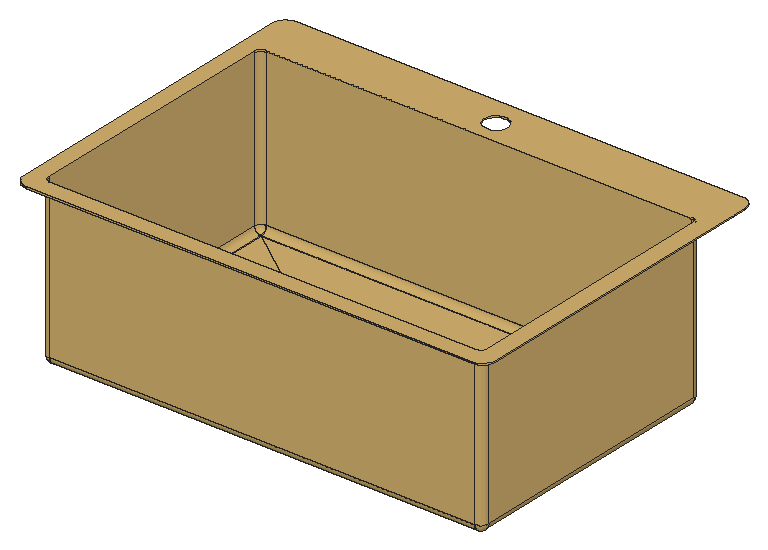
Revit family "BUILDMAT-SNGDTL005-Noah-700-Tap-Landing-Brass-Gold", category Plumbing Fixtures, host Face, Revit 2026
Family settings
  Host = Face
  Round Connector Dimension = Use Diameter
  Part Type = Normal
  Enable Cutting in Views = No
  Cut with Voids When Loaded = No
  Maintain Annotation Orientation = No
  Shared = No
  Room Calculation Point = No
Parameters (values of type "Noah 700x500x250mm Brushed Brass Gold")
  Width = 650.0 mm
  Undermount [instance] = 0.0 mm
  URL = "https://www.buildmat.com.au/products/noah-700-single-bowl-tap-landing-sink"
  Model = "TLAN005"  # constant formula
  Manufacturer URL = "https://www.buildmat.com.au/"
  Manufacturer = "BUILDMAT"  # constant formula
  Length = 400.0 mm
  Description = "BUILDMAT - Noah 700x500 Large Single Bowl with Tap Landing Sink"  # constant formula
  Depth = 250.0 mm
  Default Elevation = 1219.2 mm
  Created By URL = "https://www.buildmat.com.au/"
  Created By = "BUILDMAT"  # constant formula
  Created = "22.06.2022"  # constant formula
  Material = BUILDMAT Brass Gold
Reference planes
  plane 1 "Center (Front/Back)": y = 0
  plane 2: z = 0
  plane 3 "Center (Left/Right)": x = 0
  plane 4 "Top Substrate": z = 0
  plane 5 "Left": x = -325
  plane 6 "Right": x = 325
  plane 7 "Back": y = 200
  plane 8 "Front": y = -200
  plane 9: x = -350
  plane 10: x = 350
  plane 11: y = -225
  plane 12: y = 275
  plane 13 "Bottom Void": z = -250
  plane 14: z = 1.5
  plane 15: x = -326.5
  plane 16: y = -201.5
  plane 17: x = 326.5
  plane 18: y = 201.5
  plane 19: z = -240
  plane 20: z = -230
  plane 21: x = -315
  plane 22: x = 315
  plane 23: y = -190
  plane 24: y = 190
  plane 25: z = -245
  plane 26: z = -241.5
  plane 27: z = -246.5
  plane 28: x = -100
  plane 29: x = 100
  plane 30 "Sound Pad": z = -130
  plane 31 "Front Bracket": y = -100
  plane 32 "Back Bracket": y = 100
  plane 33: x = -225
  plane 34: x = 225
  plane 35: x = -57
  plane 36: x = 57
  plane 37: x = -45
  plane 38: x = 45
  plane 39: y = 232
  plane 40: y = 251.5
  plane 41: x = -338.2
  plane 42: z = -15
  plane 43: x = 338.2
  plane 44: x = -336.7
  plane 45: x = 336.7
Forms (mm)
  Extrusion 1, void
    sketch origin (0, 0, 0) x (1, 0, 0) y (0, 1, 0)
      loop
        arc (-315, 200) -> (-322.071, 197.071) -> (-325, 190) r 10
        line (-325, 190) -> (-325, -190)
        arc (-325, -190) -> (-322.071, -197.071) -> (-315, -200) r 10
        line (-315, -200) -> (315, -200)
        arc (315, -200) -> (322.071, -197.071) -> (325, -190) r 10
        line (325, -190) -> (325, 190)
        arc (325, 190) -> (322.071, 197.071) -> (315, 200) r 10
        line (315, 200) -> (-315, 200)
    from 0 to 1.5
  Extrusion 2, void
    sketch origin (0, 0, 0) x (1, 0, 0) y (0, 1, 0)
      loop
        line (-326.5, 201.5) -> (-326.5, -201.5) -> (326.5, -201.5) -> (326.5, 201.5) -> (-326.5, 201.5)
    from 0 to -250
  Extrusion 3, void
    sketch origin (0, 0, 0) x (1, 0, 0) y (0, 1, 0)
      loop
        arc (-330, 275) -> (-344.142, 269.142) -> (-350, 255) r 20
        line (-350, 255) -> (-350, -205)
        arc (-350, -205) -> (-344.142, -219.142) -> (-330, -225) r 20
        line (-330, -225) -> (330, -225)
        arc (330, -225) -> (344.142, -219.142) -> (350, -205) r 20
        line (350, -205) -> (350, 255)
        arc (350, 255) -> (344.142, 269.142) -> (330, 275) r 20
        line (330, 275) -> (-330, 275)
    from 1.5 to 0
  Extrusion 4, solid, material "BUILDMAT Brass Gold" <- "Material"
    sketch origin (0, 0, 0) x (-1, 0, 0) y (0, -1, 0)
      loop
        arc (330, -275) -> (344.142, -269.142) -> (350, -255) r 20
        line (350, -255) -> (350, 205)
        arc (350, 205) -> (344.142, 219.142) -> (330, 225) r 20
        line (330, 225) -> (-330, 225)
        arc (-330, 225) -> (-344.142, 219.142) -> (-350, 205) r 20
        line (-350, 205) -> (-350, -255)
        arc (-350, -255) -> (-344.142, -269.142) -> (-330, -275) r 20
        line (-330, -275) -> (330, -275)
      loop
        arc (315, -200) -> (322.071, -197.071) -> (325, -190) r 10
        line (325, -190) -> (325, 190)
        arc (325, 190) -> (322.071, 197.071) -> (315, 200) r 10
        line (315, 200) -> (-315, 200)
        arc (-315, 200) -> (-322.071, 197.071) -> (-325, 190) r 10
        line (-325, 190) -> (-325, -190)
        arc (-325, -190) -> (-322.071, -197.071) -> (-315, -200) r 10
        line (-315, -200) -> (315, -200)
    from 0 to 1.5
  Extrusion 5, solid, material "BUILDMAT Brass Gold" <- "Material"
    sketch origin (0, 0, 0) x (-1, 0, 0) y (0, -1, 0)
      loop
        arc (315, -201.5) -> (323.132, -198.132) -> (326.5, -190) r 11.5
        line (326.5, -190) -> (326.5, 190)
        arc (326.5, 190) -> (323.132, 198.132) -> (315, 201.5) r 11.5
        line (315, 201.5) -> (-315, 201.5)
        arc (-315, 201.5) -> (-323.132, 198.132) -> (-326.5, 190) r 11.5
        line (-326.5, 190) -> (-326.5, -190)
        arc (-326.5, -190) -> (-323.132, -198.132) -> (-315, -201.5) r 11.5
        line (-315, -201.5) -> (315, -201.5)
      loop
        arc (-315, 200) -> (-322.071, 197.071) -> (-325, 190) r 10
        line (-325, 190) -> (-325, -190)
        arc (-325, -190) -> (-322.071, -197.071) -> (-315, -200) r 10
        line (-315, -200) -> (315, -200)
        arc (315, -200) -> (322.071, -197.071) -> (325, -190) r 10
        line (325, -190) -> (325, 190)
        arc (325, 190) -> (322.071, 197.071) -> (315, 200) r 10
        line (315, 200) -> (-315, 200)
    from 0 to -230
  Revolve 6, solid, material "BUILDMAT Brass Gold" <- "Material"
    sketch origin (-175.162, 190, 1219.2) x (-1, 0, 0) y (0, 0, 1)
      loop
        line (-500.162, -1449.2) -> (-501.662, -1449.2)
        arc (-501.662, -1449.2) -> (-498.293, -1457.332) -> (-490.162, -1460.7) r 11.5
        line (-490.162, -1460.7) -> (-490.162, -1459.2)
        arc (-490.162, -1459.2) -> (-497.233, -1456.271) -> (-500.162, -1449.2) r 10
      axis (-490.162, -1460.7) -> (-490.162, -1449.2)
    angle from 0 to -90
  Revolve 7, solid, material "BUILDMAT Brass Gold" <- "Material"
    sketch origin (-175.162, 190, 1219.2) x (-1, 0, 0) y (0, 0, 1)
      loop
        arc (149.838, -1449.2) -> (146.909, -1456.271) -> (139.838, -1459.2) r 10
        line (139.838, -1459.2) -> (139.838, -1460.7)
        arc (139.838, -1460.7) -> (147.97, -1457.332) -> (151.338, -1449.2) r 11.5
        line (151.338, -1449.2) -> (149.838, -1449.2)
      axis (139.838, -1449.2) -> (139.838, -1460.7)
    angle from 0 to -90
  Revolve 8, solid, material "BUILDMAT Brass Gold" <- "Material"
    sketch origin (-175.162, -190, 1219.2) x (-1, 0, 0) y (0, 0, 1)
      loop
        arc (149.838, -1449.2) -> (146.909, -1456.271) -> (139.838, -1459.2) r 10
        line (139.838, -1459.2) -> (139.838, -1460.7)
        arc (139.838, -1460.7) -> (147.97, -1457.332) -> (151.338, -1449.2) r 11.5
        line (151.338, -1449.2) -> (149.838, -1449.2)
      axis (139.838, -1449.2) -> (139.838, -1460.7)
    angle from 0 to 90
  Revolve 9, solid, material "BUILDMAT Brass Gold" <- "Material"
    sketch origin (-175.162, -190, 1219.2) x (-1, 0, 0) y (0, 0, 1)
      loop
        line (-500.162, -1449.2) -> (-501.662, -1449.2)
        arc (-501.662, -1449.2) -> (-498.293, -1457.332) -> (-490.162, -1460.7) r 11.5
        line (-490.162, -1460.7) -> (-490.162, -1459.2)
        arc (-490.162, -1459.2) -> (-497.233, -1456.271) -> (-500.162, -1449.2) r 10
      axis (-490.162, -1449.2) -> (-490.162, -1460.7)
    angle from 0 to 90
  Extrusion 10, solid, material "BUILDMAT Brass Gold" <- "Material"
    sketch origin (0, 0, 0) x (1, 0, 0) y (0, 0, 1)
      loop
        line (-325, -230) -> (-326.5, -230)
        arc (-326.5, -230) -> (-323.132, -238.132) -> (-315, -241.5) r 11.5
        line (-315, -241.5) -> (-315, -240)
        arc (-315, -240) -> (-322.071, -237.071) -> (-325, -230) r 10
    from -190 to 190
  Extrusion 11, solid, material "BUILDMAT Brass Gold" <- "Material"
    sketch origin (0, 0, 0) x (1, 0, 0) y (0, 0, 1)
      loop
        arc (325, -230) -> (322.071, -237.071) -> (315, -240) r 10
        line (315, -240) -> (315, -241.5)
        arc (315, -241.5) -> (323.132, -238.132) -> (326.5, -230) r 11.5
        line (326.5, -230) -> (325, -230)
    from -190 to 190
  Extrusion 12, solid, material "BUILDMAT Brass Gold" <- "Material"
    sketch origin (0, 0, 0) x (0, 1, 0) y (0, 0, 1)
      loop
        arc (200, -230) -> (197.071, -237.071) -> (190, -240) r 10
        line (190, -240) -> (190, -241.5)
        arc (190, -241.5) -> (198.132, -238.132) -> (201.5, -230) r 11.5
        line (201.5, -230) -> (200, -230)
    from -315 to 315
  Extrusion 13, solid, material "BUILDMAT Brass Gold" <- "Material"
    sketch origin (0, 0, 0) x (0, 1, 0) y (0, 0, 1)
      loop
        line (-200, -230) -> (-201.5, -230)
        arc (-201.5, -230) -> (-198.132, -238.132) -> (-190, -241.5) r 11.5
        line (-190, -241.5) -> (-190, -240)
        arc (-190, -240) -> (-197.071, -237.071) -> (-200, -230) r 10
    from -315 to 315
  Revolve 14, solid, material "BUILDMAT Brass Gold" <- "Material"
    sketch origin (0, 0, 0) x (1, 0, 0) y (0, 0, 1)
      loop
        line (-45, -250) -> (-45, -248.5)
        spline (-45, -248.5) -> (-46.484, -248.459) -> (-47.939, -248.339) -> (-49.337, -248.141) -> (-50.649, -247.871) -> (-51.848, -247.537) -> (-52.908, -247.151) -> (-53.805, -246.726) -> (-54.514, -246.283) -> (-55.023, -245.856) -> (-55.329, -245.483) -> (-55.468, -245.202) -> (-55.5, -245)
        line (-55.5, -245) -> (-57, -245)
        spline (-57, -245) -> (-56.897, -245.653) -> (-56.591, -246.294) -> (-56.087, -246.913) -> (-55.392, -247.5) -> (-54.52, -248.044) -> (-53.485, -248.536) -> (-52.305, -248.967) -> (-51, -249.33) -> (-49.592, -249.619) -> (-48.106, -249.83) -> (-46.566, -249.957) -> (-45, -250)
      axis (0, -245) -> (0, -250)
    angle from 0 to 360
  Blend 15, solid, material "BUILDMAT Brass Gold" <- "Material"
    base sketch origin (0, 0, 0) x (-1, 0, 0) y (0, -1, 0)
      loop
        circle (0, 0) r 57
    top sketch origin (0, 0, 0) x (-1, 0, 0) y (0, -1, 0)
      loop
        line (315, -190) -> (315, 190) -> (-315, 190) -> (-315, -190) -> (315, -190)
    from -246.5 to -241.5
  Blend 16, void
    base sketch origin (0, 0, 0) x (-1, 0, 0) y (0, -1, 0)
      loop
        circle (0, 0) r 57
    top sketch origin (0, 0, 0) x (-1, 0, 0) y (0, -1, 0)
      loop
        line (315, -190) -> (315, 190) -> (-315, 190) -> (-315, -190) -> (315, -190)
    from -245 to -240
  Extrusion 17, solid, material "BUILDMAT Brass Gold" <- "Material"
    sketch origin (0, 0, 0) x (-1, 0, 0) y (0, -1, 0)
      loop
        line (315, -190) -> (315, 190) -> (-315, 190) -> (-315, -190) -> (315, -190)
    from -241.5 to -240
  Extrusion 18, void
    sketch origin (0, 0, 0) x (-1, 0, 0) y (0, -1, 0)
      loop
        circle (0, 0) r 57
    from -250 to -230
  Extrusion 19, void
    sketch origin (0, 0, 0) x (-1, 0, 0) y (0, -1, 0)
      loop
        circle (0, -232) r 17.5
    from 0 to 100
Cuts and joins
  Extrusion 19 cuts Extrusion 4
  Extrusion 19 cuts Extrusion 5
  joined: Extrusion 4, Extrusion 5
  joined: Revolve 6, Revolve 9
  joined: Revolve 7, Revolve 8
  Blend 16, Extrusion 18 cuts Blend 15
  Blend 16, Extrusion 18 cuts Extrusion 17
  joined: Blend 15, Extrusion 17
Lines and regions (mm)
  Masking region 1
    outline origin (0, 0, 0) x (1, 0, 0) y (0, 0, 1)
      loop
        line (325, 0) -> (-325, 0) -> (-325, -230)
        arc (-325, -230) -> (-322.071, -237.071) -> (-315, -240) r 10
        line (-315, -240) -> (-57, -245) -> (57, -245) -> (315, -240)
        arc (315, -240) -> (322.071, -237.071) -> (325, -230) r 10
        line (325, -230) -> (325, 0)
  Masking region 2
    outline origin (0, 0, 0) x (1, 0, 0) y (0, 0, 1)
      loop
        line (-100, -245.667) -> (-100, -250) -> (-57, -250) -> (-57, -246.5) -> (-100, -245.667)
  Masking region 3
    outline origin (0, 0, 0) x (1, 0, 0) y (0, 0, 1)
      loop
        line (57, -246.5) -> (57, -250) -> (100, -250) -> (100, -245.667) -> (57, -246.5)
  Masking region 4
    outline origin (0, 0, 0) x (1, 0, 0) y (0, 0, 1)
      loop
        line (-338.2, 0) -> (-338.2, -15) -> (-336.7, -15) -> (-336.7, 0) -> (-338.2, 0)
  Masking region 5
    outline origin (0, 0, 0) x (1, 0, 0) y (0, 0, 1)
      loop
        line (336.7, 0) -> (336.7, -15) -> (338.2, -15) -> (338.2, 0) -> (336.7, 0)
Text (mm)
  text "Refer to www.buildmat.com.au for the most current product literature. \nAllow a +/- 5mm tolerance for dimensions shown in the product literature. \nPlease note product details are subject to change due to ongoing product development." at (0.056, -1035.857, 0), in view "Ref. Level"
Dimensions and locks
  "Undermount": plane 2 to plane 4 "Top Substrate"
  equal spacing: plane 5 "Left", plane 3 "Center (Left/Right)", plane 6 "Right"
  "Width": plane 5 "Left" to plane 6 "Right"
  "Length": plane 7 "Back" to plane 8 "Front"
  equal spacing: plane 7 "Back", plane 1 "Center (Front/Back)", plane 8 "Front"
  locked: plane 12 to plane 7 "Back" at 75
  locked: plane 8 "Front" to plane 11 at 25
  locked: plane 9 to plane 5 "Left" at 25
  locked: plane 6 "Right" to plane 10 at 25
  "Depth": plane 4 "Top Substrate" to plane 13 "Bottom Void"
  locked: plane 14 to plane 4 "Top Substrate" at 1.5
  locked: plane 18 to plane 7 "Back" at 1.5
  locked: plane 8 "Front" to plane 16 at 1.5
  plane 15 to plane 5 "Left" = 1.5 mm
  plane 6 "Right" to plane 17 = 1.5 mm
  plane 20 to plane 19 to plane 13 "Bottom Void" = 10.0 mm, 10.0 mm
  locked: plane 5 "Left" to plane 21 at 10
  locked: plane 22 to plane 6 "Right" at 10
  locked: plane 7 "Back" to plane 24 at 10
  locked: plane 23 to plane 8 "Front" at 10
  locked: plane 19 to plane 26 at 1.5
  locked: plane 25 to plane 13 "Bottom Void" at 5
  locked: plane 25 to plane 27 at 1.5
  plane 29 to plane 3 "Center (Left/Right)" to plane 28 = 100.0 mm locked, 100.0 mm locked
  locked: plane 30 "Sound Pad" to plane 13 "Bottom Void" at 120
  locked: plane 7 "Back" to plane 32 "Back Bracket" at 100
  locked: plane 31 "Front Bracket" to plane 8 "Front" at 100
  locked: plane 33 to plane 5 "Left" at 100
  locked: plane 6 "Right" to plane 34 at 100
  plane 37 to plane 3 "Center (Left/Right)" to plane 38 = 45.0 mm locked, 45.0 mm locked
  plane 35 to plane 3 "Center (Left/Right)" to plane 36 = 57.0 mm locked, 57.0 mm locked
  locked: plane 12 to plane 39 at 43
  locked: plane 40 to plane 18 at 50
  plane 44 to plane 41 to plane 9 = 1.5 mm locked, 11.8 mm locked
  plane 10 to plane 43 to plane 45 = 11.8 mm locked, 1.5 mm locked
  locked: plane 4 "Top Substrate" to plane 42 at 15
  aligned and locked: plane 2 to host face
  aligned and locked: level to host face
  aligned and locked: plane 8 "Front" to Extrusion 1 sketch curve
  aligned and locked: Extrusion 1 sketch curve to plane 7 "Back"
  aligned and locked: plane 5 "Left" to Extrusion 1 sketch curve
  aligned and locked: Extrusion 1 sketch curve to plane 6 "Right"
  aligned and locked: plane 2 to Extrusion 1
  aligned and locked: plane 14 to Extrusion 1
  aligned and locked: Extrusion 2 sketch curve to plane 16
  aligned and locked: Extrusion 2 sketch curve to plane 18
  aligned and locked: plane 15 to Extrusion 2 sketch curve
  aligned and locked: plane 17 to Extrusion 2 sketch curve
  aligned and locked: Extrusion 2 to plane 13 "Bottom Void"
  aligned and locked: plane 4 "Top Substrate" to Extrusion 2
  aligned and locked: Extrusion 3 sketch curve to plane 11
  aligned and locked: plane 9 to Extrusion 3 sketch curve
  aligned and locked: Extrusion 3 sketch curve to plane 10
  aligned and locked: Extrusion 3 sketch curve to plane 12
  aligned and locked: Extrusion 3 to plane 4 "Top Substrate"
  aligned and locked: Extrusion 3 to plane 14
  aligned and locked: Extrusion 4 sketch curve to plane 11
  aligned and locked: Extrusion 4 sketch curve to plane 12
  aligned and locked: plane 9 to Extrusion 4 sketch curve
  aligned and locked: Extrusion 4 sketch curve to plane 10
  aligned and locked: plane 5 "Left" to Extrusion 4 sketch curve
  aligned and locked: Extrusion 4 sketch curve to plane 6 "Right"
  aligned and locked: Extrusion 4 sketch curve to plane 7 "Back"
  aligned and locked: plane 8 "Front" to Extrusion 4 sketch curve
  aligned and locked: Extrusion 5 sketch curve to plane 7 "Back"
  aligned and locked: plane 5 "Left" to Extrusion 5 sketch curve
  aligned and locked: Extrusion 5 sketch curve to plane 6 "Right"
  aligned and locked: plane 8 "Front" to Extrusion 5 sketch curve
  aligned and locked: plane 15 to Extrusion 5 sketch curve
  aligned and locked: Extrusion 5 sketch curve to plane 16
  aligned and locked: plane 17 to Extrusion 5 sketch curve
  aligned and locked: Extrusion 5 sketch curve to plane 18
  aligned and locked: Extrusion 5 to plane 20
  aligned and locked: plane 4 "Top Substrate" to Extrusion 5
  aligned and locked: Extrusion 11 to plane 23
  aligned and locked: plane 24 to Extrusion 11
  aligned and locked: plane 24 to Extrusion 10
  aligned and locked: Extrusion 10 to plane 23
  aligned and locked: Extrusion 13 to plane 21
  aligned and locked: plane 22 to Extrusion 13
  aligned and locked: plane 22 to Extrusion 12
  aligned and locked: Extrusion 12 to plane 21
  aligned and locked: plane 21 to Blend 15 sketch curve
  aligned and locked: Blend 15 sketch curve to plane 22
  aligned and locked: Blend 15 sketch curve to plane 23
  aligned and locked: Blend 15 sketch curve to plane 24
  aligned and locked: plane 27 to Blend 15
  aligned and locked: Blend 15 to plane 26
  aligned and locked: Blend 16 sketch curve to plane 24
  aligned and locked: plane 21 to Blend 16 sketch curve
  aligned and locked: Blend 16 sketch curve to plane 22
  aligned and locked: Blend 16 sketch curve to plane 23
  aligned and locked: Blend 16 to plane 25
  aligned and locked: Blend 16 to plane 19
  aligned and locked: Extrusion 17 sketch curve to plane 24
  aligned and locked: Extrusion 17 sketch curve to plane 23
  aligned and locked: plane 21 to Extrusion 17 sketch curve
  aligned and locked: Extrusion 17 sketch curve to plane 22
  aligned and locked: Extrusion 17 to plane 26
  aligned and locked: Extrusion 17 to plane 19
  aligned and locked: Extrusion 18 to plane 13 "Bottom Void"
  aligned and locked: plane 20 to Extrusion 18
  aligned and locked: cut or joined group of Blend 15, Blend 16, Extrusion 17, Extrusion 18 to Masking region 2 sketch curve
  aligned and locked: Masking region 3 sketch curve to cut or joined group of Blend 15, Blend 16, Extrusion 17, Extrusion 18
  aligned and locked: plane 3 "Center (Left/Right)" to nested 1
  aligned and locked: nested 1 to plane 30 "Sound Pad"
  aligned and locked: plane 31 "Front Bracket" to nested 3
  aligned and locked: plane 15 to nested 3
  aligned and locked: plane 31 "Front Bracket" to nested 5
  aligned and locked: plane 17 to nested 5
  aligned and locked: plane 32 "Back Bracket" to nested 4
  aligned and locked: plane 17 to nested 4
  aligned and locked: plane 32 "Back Bracket" to nested 2
  aligned and locked: plane 15 to nested 2
  aligned and locked: nested 6 to plane 4 "Top Substrate"
  aligned and locked: nested 6 to plane 33
  aligned and locked: nested 7 to plane 4 "Top Substrate"
  aligned and locked: nested 7 to plane 34
  aligned and locked: nested 10 to plane 33
  aligned and locked: nested 11 to plane 34
  aligned and locked: plane 16 to nested 10
  aligned and locked: nested 11 to plane 16
  aligned and locked: plane 33 to nested 8
  aligned and locked: plane 34 to nested 9
  aligned and locked: nested 12 to plane 23
  aligned and locked: nested 12 to plane 24
  aligned and locked: plane 22 to nested 12
  aligned and locked: plane 21 to nested 12
  aligned and locked: plane 3 "Center (Left/Right)" to nested 13
  aligned and locked: plane 1 "Center (Front/Back)" to nested 13
  aligned and locked: plane 4 "Top Substrate" to Masking region 1
  aligned and locked: nested 9 to plane 40
  aligned and locked: nested 8 to plane 40
  aligned and locked: Extrusion 19 to plane 4 "Top Substrate"
  aligned and locked: Masking region 4 sketch curve to plane 4 "Top Substrate"
  aligned and locked: Masking region 4 sketch curve to plane 42
  aligned and locked: Masking region 4 sketch curve to plane 41
  aligned and locked: Masking region 4 sketch curve to plane 44
  aligned and locked: Masking region 5 sketch curve to plane 4 "Top Substrate"
  aligned and locked: plane 42 to Masking region 5 sketch curve
  aligned and locked: Masking region 5 sketch curve to plane 43
  aligned and locked: Masking region 5 sketch curve to plane 45
Automatic sketch dimensions
  host sketch curve to host sketch curve = 2438.4 mm  (x2)
  plane 5 "Left" to Extrusion 1 sketch curve = 10.0 mm  (x2)
  Extrusion 1 sketch curve to plane 6 "Right" = 10.0 mm  (x2)
  Extrusion 4 sketch curve to plane 10 = 20.0 mm  (x2)
  Extrusion 4 sketch curve to Extrusion 4 sketch curve = 10.0 mm  (x2)
  plane 5 "Left" to Extrusion 4 sketch curve = 10.0 mm
  plane 9 to Extrusion 4 sketch curve = 20.0 mm
  plane 8 "Front" to Extrusion 4 sketch curve = 10.0 mm
  plane 11 to Extrusion 4 sketch curve = 20.0 mm
  Extrusion 3 sketch curve to plane 5 "Left" = 5.0 mm
  plane 6 "Right" to Extrusion 3 sketch curve = 5.0 mm  (x2)
  plane 7 "Back" to Extrusion 3 sketch curve = 55.0 mm
  plane 5 "Left" to Extrusion 5 sketch curve = 10.0 mm
  Extrusion 5 sketch curve to plane 6 "Right" = 10.0 mm
  plane 8 "Front" to Extrusion 5 sketch curve = 10.0 mm
  Extrusion 5 sketch curve to plane 7 "Back" = 10.0 mm
  Extrusion 5 sketch curve to Extrusion 5 sketch curve = 0.0 mm  (x4)
  Revolve 6 sketch curve to Revolve 6 sketch curve = 0.0 mm  (x3)
  plane 17 to Revolve 6 sketch curve = 0.0 mm
  Revolve 6 sketch curve to plane 6 "Right" = 0.0 mm
  Revolve 6 sketch curve to plane 22 = 0.0 mm  (x2)
  Revolve 6 sketch curve to plane 19 = 0.0 mm
  Revolve 6 sketch curve to plane 20 = 0.0 mm
  Revolve 7 sketch curve to Revolve 7 sketch curve = 0.0 mm  (x3)
  Revolve 7 sketch curve to plane 20 = 0.0 mm  (x2)
  Revolve 7 sketch curve to plane 21 = 0.0 mm  (x2)
  Revolve 7 sketch curve to plane 5 "Left" = 0.0 mm
  Revolve 7 sketch curve to plane 15 = 0.0 mm
  Revolve 8 sketch curve to Revolve 8 sketch curve = 0.0 mm  (x3)
  Revolve 8 sketch curve to plane 20 = 0.0 mm  (x2)
  Revolve 8 sketch curve to plane 21 = 0.0 mm  (x2)
  Revolve 8 sketch curve to plane 5 "Left" = 0.0 mm
  Revolve 8 sketch curve to plane 15 = 0.0 mm
  Revolve 9 sketch curve to Revolve 9 sketch curve = 0.0 mm  (x3)
  plane 17 to Revolve 9 sketch curve = 0.0 mm
  Revolve 9 sketch curve to plane 6 "Right" = 0.0 mm
  Revolve 9 sketch curve to plane 22 = 0.0 mm  (x2)
  Revolve 9 sketch curve to plane 20 = 0.0 mm
  Revolve 9 sketch curve to plane 19 = 0.0 mm
  Extrusion 10 sketch curve to plane 15 = 0.0 mm
  Extrusion 10 sketch curve to plane 5 "Left" = 0.0 mm
  Extrusion 10 sketch curve to plane 19 = 0.0 mm
  Extrusion 10 sketch curve to plane 21 = 0.0 mm
  Extrusion 11 sketch curve to plane 20 = 0.0 mm
  Extrusion 11 sketch curve to plane 22 = 0.0 mm
  Extrusion 11 sketch curve to plane 6 "Right" = 0.0 mm
  plane 17 to Extrusion 11 sketch curve = 0.0 mm
  Extrusion 12 sketch curve to plane 20 = 0.0 mm
  Extrusion 12 sketch curve to plane 24 = 0.0 mm
  Extrusion 12 sketch curve to plane 7 "Back" = 0.0 mm
  Extrusion 12 sketch curve to plane 18 = 0.0 mm
  Extrusion 13 sketch curve to plane 16 = 0.0 mm
  Extrusion 13 sketch curve to plane 8 "Front" = 0.0 mm
  Extrusion 13 sketch curve to plane 23 = 0.0 mm
  Extrusion 13 sketch curve to plane 19 = 0.0 mm
  Revolve 14 sketch curve to plane 25 = 0.0 mm
  Revolve 14 sketch curve to plane 13 "Bottom Void" = 0.0 mm  (x2)
  Revolve 14 sketch curve to plane 3 "Center (Left/Right)" = 0.0 mm
  Revolve 14 sketch curve to plane 20 = 0.0 mm
  Revolve 14 sketch curve to plane 3 "Center (Left/Right)" = 45.0 mm
  Revolve 14 sketch curve to Revolve 14 sketch curve = 10.5 mm
  Revolve 14 sketch curve to Revolve 14 sketch curve = 1.5 mm  (x2)
  Revolve 14 sketch curve to Revolve 14 sketch curve = 0.0 mm
  plane 1 "Center (Front/Back)" to Blend 15 sketch curve = 0.0 mm
  Blend 15 sketch curve to plane 3 "Center (Left/Right)" = 0.0 mm
  plane 1 "Center (Front/Back)" to Blend 16 sketch curve = 0.0 mm
  Blend 16 sketch curve to plane 3 "Center (Left/Right)" = 0.0 mm
  plane 1 "Center (Front/Back)" to Extrusion 18 sketch curve = 0.0 mm
  Extrusion 18 sketch curve to plane 3 "Center (Left/Right)" = 0.0 mm
  Masking region 1 sketch curve to level = 0.0 mm
  Masking region 1 sketch curve to plane 20 = 0.0 mm
  Masking region 1 sketch curve to plane 21 = 0.0 mm
  Masking region 1 sketch curve to plane 25 = 0.0 mm
  Masking region 1 sketch curve to plane 3 "Center (Left/Right)" = 57.0 mm
  plane 3 "Center (Left/Right)" to Masking region 1 sketch curve = 57.0 mm
  Masking region 1 sketch curve to plane 19 = 0.0 mm
  Masking region 1 sketch curve to plane 22 = 0.0 mm
  Masking region 1 sketch curve to plane 6 "Right" = 0.0 mm
  Masking region 1 sketch curve to plane 5 "Left" = 0.0 mm
  Masking region 2 sketch curve to plane 28 = 0.0 mm
  Masking region 2 sketch curve to plane 13 "Bottom Void" = 0.0 mm
  Masking region 2 sketch curve to plane 27 = 0.0 mm
  Masking region 3 sketch curve to plane 27 = 0.0 mm
  Masking region 3 sketch curve to plane 13 "Bottom Void" = 0.0 mm
  Masking region 3 sketch curve to plane 29 = 0.0 mm
  Extrusion 19 sketch curve to plane 3 "Center (Left/Right)" = 0.0 mm
  Extrusion 19 sketch curve to plane 39 = 0.0 mm
  radius of Blend 15 sketch curve = 57.0 mm
  radius of Blend 16 sketch curve = 57.0 mm
  radius of Extrusion 18 sketch curve = 57.0 mm
  radius of Extrusion 19 sketch curve = 17.5 mm
Nested families
  nested 1: "SP_Front" at (0, 0, -130) x (1, 0, 0) z (0, -1, 0), type "SP_Front", not visible
  nested 2: "TMB_Plan" at (-326.5, 100, 0) x (0, 1, 0) z (0, 0, 1), type "TMB_Plan"
  nested 3: "TMB_Plan" at (-326.5, -100, 0) x (0, 1, 0) z (0, 0, 1), type "TMB_Plan"
  nested 4: "TMB_Plan" at (326.5, 100, 0) x (0, -1, 0) z (0, 0, 1), type "TMB_Plan"
  nested 5: "TMB_Plan" at (326.5, -100, 0) x (0, -1, 0) z (0, 0, 1), type "TMB_Plan"
  nested 6: "TMB_Front" at (-225, 0, 0) x (1, 0, 0) z (0, -1, 0), type "TMB_Front"
  nested 7: "TMB_Front" at (225, 0, 0) x (1, 0, 0) z (0, -1, 0), type "TMB_Front"
  nested 8: "TMB_Plan" at (-225, 251.5, 0), type "TMB_Plan"
  nested 9: "TMB_Plan" at (225, 251.5, 0), type "TMB_Plan"
  nested 10: "TMB_Plan" at (-225, -201.5, 0) x (-1, 0, 0) z (0, 0, 1), type "TMB_Plan"
  nested 11: "TMB_Plan" at (225, -201.5, 0) x (-1, 0, 0) z (0, 0, 1), type "TMB_Plan"
  nested 12: "BOWL Plan" at (0, 0, -130), type "BOWL Plan"
    with Width 630.0 mm, Lenght 380.0 mm
  nested 13: "DRAIN" at (0, 0, 0), type "DRAIN"
Definition of nested family "SP_Front"
  Reference planes
    plane 1 "Center (Elevation)": y = 0
    plane 2: z = 0
    plane 3 "Center (Left/Right)": x = 0
  Lines and regions (mm)
    Masking region 1, in view "Ref. Level"
      outline origin (0, 0, 0) x (1, 0, 0) y (0, 1, 0)
        loop
          arc (-50, 40) -> (-57.071, 37.071) -> (-60, 30) r 10
          line (-60, 30) -> (-60, -30)
          arc (-60, -30) -> (-57.071, -37.071) -> (-50, -40) r 10
          line (-50, -40) -> (50, -40)
          arc (50, -40) -> (57.071, -37.071) -> (60, -30) r 10
          line (60, -30) -> (60, 30)
          arc (60, 30) -> (57.071, 37.071) -> (50, 40) r 10
          line (50, 40) -> (-50, 40)
    detail lines, in view "Ref. Level"
      curve 1: line (-50, 40, 0) -> (50, 40, 0)
      curve 2: line (50, -40, 0) -> (-50, -40, 0)
      curve 3: line (60, 30, 0) -> (60, -30, 0)
      curve 4: line (-60, 30, 0) -> (-60, -30, 0)
      curve 5: arc (-50, 40, 0) -> (-57.071, 37.071, 0) -> (-60, 30, 0) r 10
      curve 6: arc (-60, -30, 0) -> (-57.071, -37.071, 0) -> (-50, -40, 0) r 10
      curve 7: arc (50, -40, 0) -> (57.071, -37.071, 0) -> (60, -30, 0) r 10
      curve 8: arc (60, 30, 0) -> (57.071, 37.071, 0) -> (50, 40, 0) r 10
  Dimensions and locks
    aligned and locked: Masking region 1 sketch curve to curve 1
    aligned and locked: Masking region 1 sketch curve to curve 4
    aligned and locked: Masking region 1 sketch curve to curve 2
    aligned and locked: Masking region 1 sketch curve to curve 3
Definition of nested family "TMB_Plan"
  Reference planes
    plane 1 "Center (Front/Back)": y = 0
    plane 2: z = 0
    plane 3 "Center (Left/Right)": x = 0
  Lines and regions (mm)
    detail lines, in view "Ref. Level"
      curve 1: line (-17.5, 0, 0) -> (17.5, 0, 0)
      curve 2: line (17.5, 0, 0) -> (17.5, 5, 0)
      curve 3: line (17.5, 5, 0) -> (12.5, 5, 0)
      curve 4: line (-17.5, 0, 0) -> (-17.5, 5, 0)
      curve 5: line (-17.5, 5, 0) -> (-12.5, 5, 0)
Definition of nested family "TMB_Front"
  Reference planes
    plane 1 "Center (Elevation)": y = 0
    plane 2: z = 0
    plane 3 "Center (Left/Right)": x = 0
  Lines and regions (mm)
    Masking region 1, in view "Ref. Level"
      outline origin (0, 0, 0) x (1, 0, 0) y (0, 1, 0)
        loop
          line (-17.5, 0) -> (-17.5, -80) -> (17.5, -80) -> (17.5, 0) -> (-17.5, 0)
    detail lines, in view "Ref. Level"
      curve 1: line (-17.5, 0, 0) -> (-17.5, -80, 0)
      curve 2: line (-17.5, -80, 0) -> (17.5, -80, 0)
      curve 3: line (17.5, -80, 0) -> (17.5, 0, 0)
      curve 4: line (-12.5, -50, 0) -> (12.5, -50, 0)
      curve 5: line (-12.5, -75, 0) -> (-12.5, -50, 0)
      curve 6: line (12.5, -75, 0) -> (-12.5, -75, 0)
      curve 7: line (12.5, -50, 0) -> (12.5, -75, 0)
Definition of nested family "BOWL Plan"
  Parameters (values of type "BOWL Plan")
    Width [instance] = 600.0 mm
    Lenght [instance] = 400.0 mm
  Reference planes
    plane 1 "Center (Front/Back)": y = 0
    plane 2: z = 0
    plane 3 "Center (Left/Right)": x = 0
    plane 4 "Left": x = -300
    plane 5 "Right": x = 300
    plane 6 "Back": y = 200
    plane 7 "Front": y = -200
  Lines and regions (mm)
    Masking region 1, in view "Ref. Level"
      outline origin (0, 0, 0) x (1, 0, 0) y (0, 1, 0)
        loop
          line (-300, 200) -> (-300, -200) -> (300, -200) -> (300, 200) -> (-300, 200)
    detail lines, in view "Ref. Level"
      curve 1: line (-300, 200, 0) -> (300, -200, 0)
      curve 2: line (-300, -200, 0) -> (300, 200, 0)
  Dimensions and locks
    equal spacing: plane 6 "Back", plane 1 "Center (Front/Back)", plane 7 "Front"
    "Lenght": plane 6 "Back" to plane 7 "Front"
    equal spacing: plane 4 "Left", plane 3 "Center (Left/Right)", plane 5 "Right"
    "Width": plane 4 "Left" to plane 5 "Right"
    aligned and locked: plane 4 "Left" to Masking region 1 sketch curve
    aligned and locked: Masking region 1 sketch curve to plane 5 "Right"
    aligned and locked: plane 7 "Front" to Masking region 1 sketch curve
    aligned and locked: Masking region 1 sketch curve to plane 6 "Back"
  Automatic sketch dimensions
    curve 2 to plane 4 "Left" = 0.0 mm
    curve 1 to plane 4 "Left" = 0.0 mm
    curve 2 to plane 5 "Right" = 0.0 mm
    curve 1 to plane 5 "Right" = 0.0 mm
    curve 1 to plane 7 "Front" = 0.0 mm
    curve 2 to plane 7 "Front" = 0.0 mm
    curve 2 to plane 6 "Back" = 0.0 mm
    curve 1 to plane 6 "Back" = 0.0 mm
Definition of nested family "DRAIN"
  Reference planes
    plane 1 "Center (Front/Back)": y = 0
    plane 2: z = 0
    plane 3 "Center (Left/Right)": x = 0
  Lines and regions (mm)
    Masking region 1, in view "Ref. Level"
      outline origin (0, 0, 0) x (1, 0, 0) y (0, 1, 0)
        loop
          circle (0, 0) r 57
    detail lines, in view "Ref. Level"
      curve 1: circle (0, 0, 0) r 45 normal (0, 0, 1)
      curve 2: circle (0, 0, 0) r 55.5 normal (0, 0, 1)
